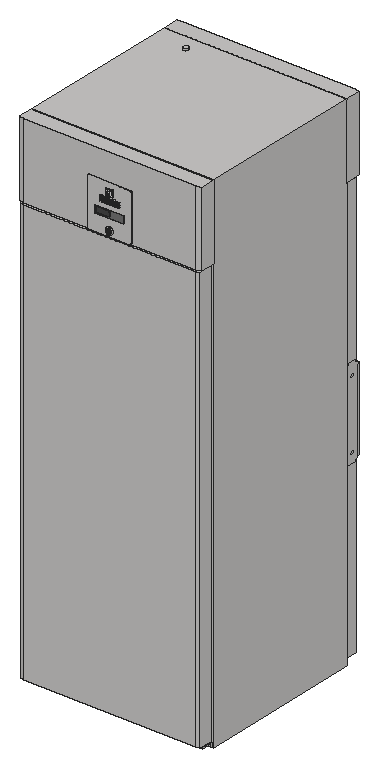
Revit family "QF_ELECTROLUXPROFESSIONAL_725098_RI075R2FGT", category Specialty Equipment, Revit 2018 (continued)
Definition of nested family "QF_725098_GlassDoor"
  Definition of nested family "QF_DisplayNewRollCabinets_ELX"
    Forms (mm)
      Extrusion 9, solid
        sketch origin (0, 0, 0) x (1, 0, 0) y (0, 1, 0)
          loop
            line (30.707, 19.333) -> (31.141, 20.293) -> (32.787, 20.293) -> (33.22, 19.333) -> (34.204, 19.333) -> (31.937, 23.783) -> (29.725, 19.333) -> (30.707, 19.333)
          loop
            line (31.964, 22.119) -> (31.552, 21.206) -> (32.376, 21.206) -> (31.964, 22.119)
          loop
            line (38.748, 20.174) -> (38.748, 23.783) -> (37.833, 23.783) -> (37.833, 19.333) -> (40.459, 19.333) -> (40.459, 20.174) -> (38.748, 20.174)
          loop
            line (-14.216, 47.398) -> (14.216, 47.398) -> (14.216, 75.792) -> (-14.216, 75.792) -> (-14.216, 47.398)
          loop
            line (3.797, 74.398) -> (3.797, 48.85)
            arc (3.797, 48.85) -> (13.241, 61.624) -> (3.797, 74.398) r 13.361
          loop
            line (2.497, 72.548) -> (2.497, 74.398)
            arc (2.497, 74.398) -> (-8.128, 71.983) -> (-13.247, 62.364) r 13.094
            line (-13.247, 62.364) -> (-9.02, 62.364)
            arc (-9.02, 62.364) -> (-1.469, 65.429) -> (2.497, 72.548) r 12.273
          loop
            arc (-13.247, 60.883) -> (-8.136, 51.185) -> (2.497, 48.522) r 13.436
            line (2.497, 48.522) -> (2.497, 50.7)
            arc (2.497, 50.7) -> (-1.469, 57.818) -> (-9.02, 60.883) r 12.273
            line (-9.02, 60.883) -> (-13.247, 60.883)
          loop
            line (4.381, 22.616) -> (5.039, 23.067)
            arc (5.039, 23.067) -> (4.429, 23.661) -> (3.601, 23.857) r 1.593
            arc (3.601, 23.857) -> (2.88, 23.672) -> (2.299, 23.206) r 1.765
            arc (2.299, 23.206) -> (2.221, 22.623) -> (2.339, 22.046) r 1.775
            arc (2.339, 22.046) -> (2.736, 21.617) -> (3.252, 21.346) r 1.724
            arc (3.252, 21.346) -> (3.651, 21.188) -> (4.034, 20.994) r 4.507
            arc (4.034, 20.994) -> (4.258, 20.43) -> (3.75, 20.098) r 0.479
            arc (3.75, 20.098) -> (3.106, 20.315) -> (2.611, 20.78) r 1.593
            line (2.611, 20.78) -> (1.912, 20.341)
            arc (1.912, 20.341) -> (2.189, 19.884) -> (2.594, 19.534) r 1.711
            arc (2.594, 19.534) -> (3.106, 19.315) -> (3.661, 19.259) r 1.845
            arc (3.661, 19.259) -> (4.347, 19.396) -> (4.965, 19.724) r 2.41
            arc (4.965, 19.724) -> (5.238, 20.45) -> (5.097, 21.213) r 1.447
            arc (5.097, 21.213) -> (4.793, 21.564) -> (4.403, 21.818) r 1.678
            arc (4.403, 21.818) -> (3.911, 22.038) -> (3.406, 22.227) r 8.836
            arc (3.406, 22.227) -> (3.115, 22.681) -> (3.536, 23.017) r 0.402
            arc (3.536, 23.017) -> (4.005, 22.913) -> (4.381, 22.616) r 1.07
        from 1.6 to 3.2
      Extrusion 10, solid
        sketch origin (0, 0, 0) x (1, 0, 0) y (0, 1, 0)
          loop
            line (1.25, -86.45) -> (1.25, -76.45) -> (-1.25, -76.45) -> (-1.25, -86.45) -> (1.25, -86.45)
        from 1.6 to 6
    Cuts and joins
      Extrusion 5 cuts Extrusion 4
    Lines and regions (mm)
      symbolic lines
        curve 1: line (52.518, 0, 4) -> (-53.037, 0, 4)
        curve 2: line (40, 0, 4) -> (40, 0, 6)
        curve 3: line (40, 0, 6) -> (-40, 0, 6)
        curve 4: line (-40, 0, 6) -> (-40, 0, 4)
        curve 5: line (-64.765, 0, 0) -> (-53.037, 0, 4)
        curve 6: line (52.518, 0, 4) -> (64.135, 0, 0)
    Dimensions and locks
      aligned and locked: plane 2 to Extrusion 1
      aligned and locked: level to Extrusion 1
Definition of nested family "Refrigerator"
  Reference planes
    plane 1 "Center (Front/Back)": y = 0
    plane 2: z = 0
    plane 3 "Center (Left/Right)": x = 0
  Lines and regions (mm)
    detail lines, in view "Ref. Level"
      curve 1: spline (-500, 190, 0) -> (-493.185, 166.706, 0) -> (-473.205, 145, 0) -> (-441.421, 126.36, 0) -> (-400, 112.058, 0) -> (-351.764, 103.067, 0) -> (-300, 100, 0) -> (-248.236, 103.067, 0) -> (-200, 112.058, 0) -> (-158.579, 126.36, 0) -> (-126.795, 145, 0) -> (-106.815, 166.706, 0) -> (-100, 190, 0) -> (-106.815, 213.294, 0) -> (-126.795, 235, 0) -> (-158.579, 253.64, 0) -> (-200, 267.942, 0) -> (-248.236, 276.933, 0) -> (-300, 280, 0) -> (-351.764, 276.933, 0) -> (-400, 267.942, 0) -> (-441.421, 253.64, 0) -> (-473.205, 235, 0) -> (-493.185, 213.294, 0) -> (-500, 190, 0)
      curve 2: line (-300, 130, 0) -> (-300, 250, 0)
      curve 3: line (-351.962, 220, 0) -> (-248.038, 160, 0)
      curve 4: line (-351.962, 160, 0) -> (-248.038, 220, 0)
      curve 5: line (-280.884, 246.873, 0) -> (-300, 225, 0)
      curve 6: line (-300, 225, 0) -> (-319.116, 246.873, 0)
      curve 7: line (-330.311, 207.5, 0) -> (-339.696, 234.992, 0)
      curve 8: line (-358.812, 201.882, 0) -> (-330.311, 207.5, 0)
      curve 9: line (-330.311, 172.5, 0) -> (-358.812, 178.118, 0)
      curve 10: line (-339.696, 145.008, 0) -> (-330.311, 172.5, 0)
      curve 11: line (-300, 155, 0) -> (-319.116, 133.127, 0)
      curve 12: line (-280.884, 133.127, 0) -> (-300, 155, 0)
      curve 13: line (-269.689, 172.5, 0) -> (-260.304, 145.008, 0)
      curve 14: line (-241.188, 178.118, 0) -> (-269.689, 172.5, 0)
      curve 15: line (-269.689, 207.5, 0) -> (-241.188, 201.882, 0)
      curve 16: line (-260.304, 234.992, 0) -> (-269.689, 207.5, 0)
Types (2, lengths in mm): name | URL | Manufacturer | Phase | Model | Description
  (no name) | 0 | 0 | 0 | 0 | 0
  Standard | "http://professional.electrolux.com" | "Electrolux Professional" | 1 | "RI075R2FGT" | "1-FULL+1GLASS DOOR ROLL-THRU REFRIGERATOR 750 LT+2°C R290"
